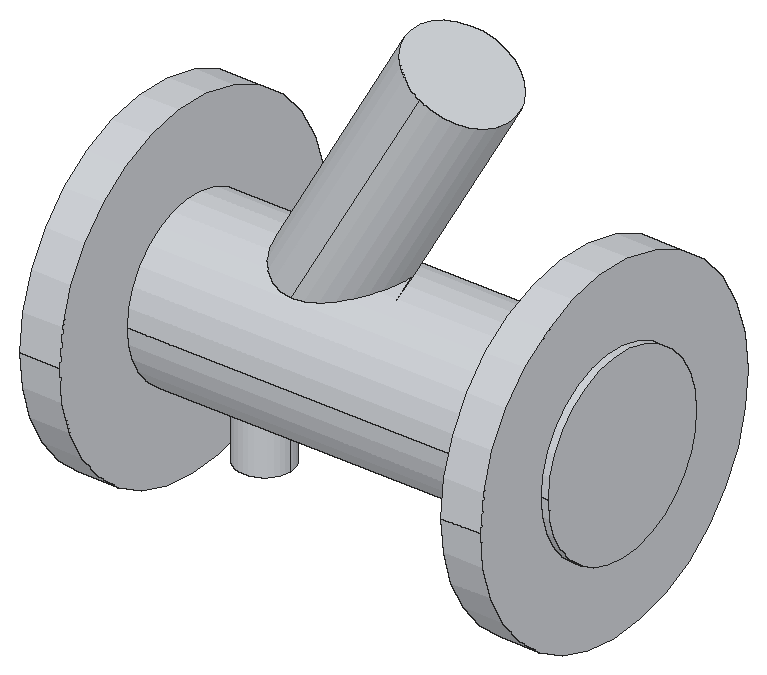
Revit family "HS 821-síto_jemné-PN40-DN020-RFA_2018", category Pipe Accessories, Revit 2018
Family settings
  Round Connector Dimension = Use Diameter
  Part Type = Breaks Into
  Work Plane-Based = No
  Always vertical = Yes
  Cut with Voids When Loaded = No
  Shared = No
Parameters (values of type "821F-DN020-PN40-síto_jemné")
  magiProductId = "aaac5f1ec96b44d6ba96ac2293d66d"
  magiProductFamilyId = "79214ac3aaa945e397802f559f5c1e"
  magiPartTypeId = 307
  isMeasuringValve [instance] = no
  ang2D [instance] = 0.00°
  ZB__ve = -ZB  # -17.75 mm
  ZB1 = 23.49 mm
  ZB = 17.75 mm
  X2 = 51.673 mm
  X1 = 21 mm
  W2D = 15 mm
  VersionID = "2.0/2017.9.26.1/ZETKAMA_821_001"
  Use Minimum Symbol Size [instance] = yes
  URL = "www.hydronic.cz"
  Type Comments = "Filtr přírubový; síto jemné; A-PN16 (-10~300°C); D-PN25 (-10~350°C); F-PN40 (-10~400°C)"
  S = 58 mm
  QmdConnectorList = "301;D;302;D"
  Productdata [instance] = ""
  Manufacturer = "Hydronic Systems Prague s.r.o."
  MC Product Code = "250 620 (821F; DN020; PN40; kvs9,6; oko síta 0,63mm)"
  LM1 = 12 mm
  LM = 120 mm
  L4 = 37.5 mm
  L2D_Min = 3048 mm
  L2D = 130 mm
  L2 = 75 mm
  HH2 = 89.5 mm
  FD = 105 mm
  Description = "Filtr přírubový; síto jemné; 821A-PN16; 821D-PN25; 821F-PN40"
  DM1 = 33.6 mm
  DM = 52.2 mm
  D = 20 mm
  CC = 2.55 mm
  CAT0 = yes
  C1 = 12.45 mm
  C = 15 mm
  BD = 16.443 mm
Types (40, lengths in mm): name | magiProductId | ZB__ve | ZB1 | ZB | X2 | X1 | S | MC Product Code | LM1 | LM | L4 | L2 | HH2 | FD | DM1 | DM | D | CC | C1 | C | BD
  821A-DN015-PN16-síto_jemné | "a71bcfe8b393460598b23e8ddf7dc5" | -16.25 | 18.63 | 16.25 | 46.982 | 18.2 | 46 | "210 115 (821A; DN015; PN16; kvs6,2; oko síta 0,63mm)" | 10.4 | 104 | 32.5 | 65 | 81.375 | 95 | 27.6 | 41.4 | 15 | 2.21 | 10.79 | 13 | 13.041
  821A-DN020-PN16-síto_jemné | "41cd6c7a12924f4991217528336076" | -17.75 | 22.68 | 17.75 | 51.673 | 21 | 56 | "210 120 (821A; DN020; PN16; kvs9,6; oko síta 0,63mm)" | 12 | 120 | 37.5 | 75 | 89.5 | 105 | 33.6 | 50.4 | 20 | 2.55 | 12.45 | 15 | 15.876
  821A-DN025-PN16-síto_jemné | "be378b463ed14c3abf4c9b3ae8cf3a" | -19.25 | 26.325 | 19.25 | 58.601 | 22.4 | 65 | "210 125 (821A; DN025; PN16; kvs14,2; oko síta 0,63mm)" | 12.8 | 128 | 40 | 80 | 101.5 | 115 | 43.2 | 58.5 | 25 | 2.72 | 13.28 | 16 | 18.427
  821A-DN032-PN16-síto_jemné | "227a0d18b21540afabe8b6067d35fa" | -23 | 30.78 | 23 | 68.849 | 25.2 | 76 | "210 132 (821A; DN032; PN16; kvs23,1; oko síta 0,63mm)" | 14.4 | 144 | 45 | 90 | 119.25 | 140 | 50.4 | 68.4 | 32 | 3.06 | 14.94 | 18 | 21.546
  821A-DN040-PN16-síto_jemné | "d106917c74724141a10440112d0102" | -24.5 | 34.02 | 24.5 | 75.777 | 28 | 84 | "210 140 (821A; DN040; PN16; kvs36,6; oko síta 0,63mm)" | 16 | 160 | 50 | 100 | 131.25 | 150 | 60 | 75.6 | 40 | 3.4 | 16.6 | 20 | 23.814
  821A-DN050-PN16-síto_jemné | "8255d456a09e4f6486734f5dd9171b" | -26.75 | 40.095 | 26.75 | 79.061 | 32.2 | 99 | "210 150 (821A; DN050 PN16; kvs53,7; oko síta 0,63mm)" | 18.4 | 184 | 57.5 | 115 | 136.938 | 165 | 73.8 | 89.1 | 50 | 3.91 | 19.09 | 23 | 28.066
  821A-DN065-PN16-síto_jemné | "235b1b3e4c0843779a4d5e3716d40a" | -29.75 | 47.79 | 29.75 | 86.927 | 40.6 | 118 | "210 165 (821A; DN065; PN16; kvs95,1; oko síta 0,63mm)" | 23.2 | 232 | 72.5 | 145 | 150.562 | 185 | 94.2 | 106.2 | 65 | 4.93 | 24.07 | 29 | 33.453
  821A-DN080-PN16-síto_jemné | "a067f7c5236348ed8c820d16df7214" | -32 | 53.46 | 32 | 104.753 | 43.4 | 132 | "210 180 (821A; DN080; PN16; kvs137,1; oko síta 0,63mm)" | 24.8 | 248 | 77.5 | 155 | 181.438 | 200 | 107.4 | 118.8 | 80 | 5.27 | 25.73 | 31 | 37.422
  821A-DN100-PN16-síto_jemné | "c49a648c2747461285837d643703cd" | -35 | 63.18 | 35 | 114.857 | 49 | 156 | "210 190 (821A; DN100; PN16; kvs206,4; oko síta 0,63mm)" | 28 | 280 | 87.5 | 175 | 198.937 | 220 | 131.4 | 140.4 | 100 | 5.95 | 29.05 | 35 | 44.226
  821A-DN125-PN16-síto_jemné | "bf68e728a163493cbd2a663b26ebdc" | -39.5 | 74.52 | 39.5 | 131.888 | 56 | 184 | "210 191 (821A; DN125; PN16; kvs268,8; oko síta 0,63mm)" | 32 | 320 | 100 | 200 | 228.438 | 250 | 165 | 165.6 | 125 | 6.8 | 33.2 | 40 | 52.164
  821A-DN150-PN16-síto_jemné | "2de770284b654863ae6bc865769dc5" | -44.75 | 85.455 | 44.75 | 155.885 | 67.2 | 211 | "210 192 (821A; DN150; PN16; kvs401,4; oko síta 0,63mm)" | 38.4 | 384 | 120 | 240 | 270 | 285 | 192 | 189.9 | 150 | 8.16 | 39.84 | 48 | 59.818
  821A-DN200-PN16-síto_jemné | "8e5693371ab64aabb29a7f08c76e15" | -53 | 107.73 | 53 | 188.361 | 84 | 266 | "210 193 (821A; DN200; PN16; kvs706,7; oko síta 0,63mm)" | 48 | 480 | 150 | 300 | 326.25 | 340 | 252 | 239.4 | 200 | 10.2 | 49.8 | 60 | 75.411
  821A-DN250-PN16-síto_jemné | "05e37ed948c34047acdd4c42556504" | -62.75 | 129.195 | 62.75 | 255.911 | 102.2 | 319 | "210 194 (821A; DN250; PN16; kvs1229,4; oko síta 0,63mm)" | 58.4 | 584 | 182.5 | 365 | 443.25 | 405 | 309.6 | 287.1 | 250 | 12.41 | 60.59 | 73 | 90.436
  821A-DN300-PN16-síto_jemné | "9ad0af747269428da925480d83ce80" | -71 | 149.85 | 71 | 325.914 | 119 | 370 | "210 195 (821A; DN300; PN16; kvs1902,4; oko síta 0,63mm)" | 68 | 680 | 212.5 | 425 | 564.5 | 460 | 369.6 | 333 | 300 | 14.45 | 70.55 | 85 | 104.895
  821A-DN350-PN16-síto_jemné | "eebc71459bb3451bb4355e7951370a" | -80 | 173.745 | 80 | 356.875 | 137.2 | 429 | "200 196 (821A; DN350; PN16; kvs2611,0; oko síta 0,63mm)" | 78.4 | 784 | 245 | 490 | 618.125 | 520 | 438 | 386.1 | 350 | 16.66 | 81.34 | 98 | 121.621
  821A-DN400-PN16-síto_jemné | "d2f677cb196647e385b2590e7d8abe" | -89 | 194.4 | 89 | 392.237 | 154 | 480 | "210 197 (821A; DN400; PN16; kvs3438,4; oko síta 0,63mm)" | 88 | 880 | 275 | 550 | 679.375 | 580 | 498 | 432 | 400 | 18.7 | 91.3 | 110 | 136.08
  821D-DN015-PN25-síto_jemné | "27ddcbf555414f8ca1fde329bf9087" | -16.25 | 18.63 | 16.25 | 46.982 | 18.2 | 46 | "210 215 (821D; DN015; PN25; kvs6,2; oko síta 0,63mm)" | 10.4 | 104 | 32.5 | 65 | 81.375 | 95 | 27.6 | 41.4 | 15 | 2.21 | 10.79 | 13 | 13.041
  821D-DN020-PN25-síto_jemné | "270e0f14012f47189cd0235c18faee" | -17.75 | 22.68 | 17.75 | 51.673 | 21 | 56 | "210 220 (821D; DN020; PN25; kvs9,6; oko síta 0,63mm)" | 12 | 120 | 37.5 | 75 | 89.5 | 105 | 33.6 | 50.4 | 20 | 2.55 | 12.45 | 15 | 15.876
  821D-DN025-PN25-síto_jemné | "b9a7fb4aa36643878c637d8e1ab992" | -19.25 | 26.325 | 19.25 | 58.601 | 22.4 | 65 | "210 225 (821D; DN025; PN25; kvs14,2; oko síta 0,63mm)" | 12.8 | 128 | 40 | 80 | 101.5 | 115 | 43.2 | 58.5 | 25 | 2.72 | 13.28 | 16 | 18.427
  821D-DN032-PN25-síto_jemné | "6be9a55c4e68400f94eec7e804204c" | -23 | 30.78 | 23 | 68.849 | 25.2 | 76 | "210 232 (821D; DN032; PN25; kvs23,1; oko síta 0,63mm)" | 14.4 | 144 | 45 | 90 | 119.25 | 140 | 50.4 | 68.4 | 32 | 3.06 | 14.94 | 18 | 21.546
  821D-DN040-PN25-síto_jemné | "c54511bd7f584ec2984291479612cb" | -24.5 | 34.02 | 24.5 | 75.777 | 28 | 84 | "210 240 (821D; DN040; PN25; kvs36,6; oko síta 0,63mm)" | 16 | 160 | 50 | 100 | 131.25 | 150 | 60 | 75.6 | 40 | 3.4 | 16.6 | 20 | 23.814
  821D-DN050-PN25-síto_jemné | "5483b1f596b04cd39b23a14a22c90e" | -26.75 | 40.095 | 26.75 | 79.061 | 32.2 | 99 | "210 250 (821D; DN050; PN25; kvs53,7; oko síta 0,63mm)" | 18.4 | 184 | 57.5 | 115 | 136.938 | 165 | 73.8 | 89.1 | 50 | 3.91 | 19.09 | 23 | 28.066
  821D-DN065-PN25-síto_jemné | "767b0f8318e94750bc7a9930ed5b30" | -29.75 | 47.79 | 29.75 | 86.927 | 40.6 | 118 | "210 265 (821D; DN065; PN25; kvs95,1; oko síta 0,63mm)" | 23.2 | 232 | 72.5 | 145 | 150.562 | 185 | 94.2 | 106.2 | 65 | 4.93 | 24.07 | 29 | 33.453
  821D-DN080-PN25-síto_jemné | "e21040fa3cc2404b858198f6b73709" | -32 | 53.46 | 32 | 104.753 | 43.4 | 132 | "210 280 (821D; DN080; PN25; kvs137,1; oko síta 0,63mm)" | 24.8 | 248 | 77.5 | 155 | 181.438 | 200 | 107.4 | 118.8 | 80 | 5.27 | 25.73 | 31 | 37.422
  821D-DN100-PN25-síto_jemné | "175ca87a506b40b3bc6b82f12f33cf" | -37.25 | 63.18 | 37.25 | 114.857 | 49 | 156 | "210 290 (821D; DN100; PN25; kvs206,4; oko síta 0,63mm)" | 28 | 280 | 87.5 | 175 | 198.937 | 235 | 131.4 | 140.4 | 100 | 5.95 | 29.05 | 35 | 44.226
  821D-DN125-PN25-síto_jemné | "77cc98d60da24855999a22dff726b2" | -42.5 | 74.52 | 42.5 | 131.888 | 56 | 184 | "210 291 (821D; DN125; PN25; kvs268,8; oko síta 0,63mm)" | 32 | 320 | 100 | 200 | 228.438 | 270 | 165 | 165.6 | 125 | 6.8 | 33.2 | 40 | 52.164
  821D-DN150-PN25-síto_jemné | "9cf8acfcd15547d68e83172d3abcbe" | -47 | 85.455 | 47 | 155.885 | 67.2 | 211 | "210 292 (821D; DN150; PN25; kvs401,4; oko síta 0,63mm)" | 38.4 | 384 | 120 | 240 | 270 | 300 | 192 | 189.9 | 150 | 8.16 | 39.84 | 48 | 59.818
  821D-DN200-PN25-síto_jemné | "16973f3c9ea14389ba8602495a6b64" | -56 | 110.97 | 56 | 188.361 | 84 | 274 | "210 293 (821D; DN200; PN25; kvs706,7; oko síta 0,63mm)" | 48 | 480 | 150 | 300 | 326.25 | 360 | 252 | 246.6 | 200 | 10.2 | 49.8 | 60 | 77.679
  821F-DN015-PN40-síto_jemné | "4c7eaf3c4c0340888b3e684d8a8616" | -16.25 | 18.225 | 16.25 | 46.982 | 18.2 | 45 | "250 615 (821F; DN015; PN40; kvs6,2; oko síta 0,63mm)" | 10.4 | 104 | 32.5 | 65 | 81.375 | 95 | 27.6 | 40.5 | 15 | 2.21 | 10.79 | 13 | 12.757
  821F-DN020-PN40-síto_jemné | "aaac5f1ec96b44d6ba96ac2293d66d" | -17.75 | 23.49 | 17.75 | 51.673 | 21 | 58 | "250 620 (821F; DN020; PN40; kvs9,6; oko síta 0,63mm)" | 12 | 120 | 37.5 | 75 | 89.5 | 105 | 33.6 | 52.2 | 20 | 2.55 | 12.45 | 15 | 16.443
  821F-DN025-PN40-síto_jemné | "504768023968471481789485b54c7e" | -19.25 | 27.54 | 19.25 | 58.601 | 22.4 | 68 | "250 625 (821F; DN025; PN40; kvs14,2; oko síta 0,63mm)" | 12.8 | 128 | 40 | 80 | 101.5 | 115 | 43.2 | 61.2 | 25 | 2.72 | 13.28 | 16 | 19.278
  821F-DN032-PN40-síto_jemné | "165e7f39cf744f329bdf1c400dad12" | -23 | 31.59 | 23 | 68.849 | 25.2 | 78 | "250 632 (821F; DN032; PN40; kvs23,1; oko síta 0,63mm)" | 14.4 | 144 | 45 | 90 | 119.25 | 140 | 50.4 | 70.2 | 32 | 3.06 | 14.94 | 18 | 22.113
  821F-DN040-PN40-síto_jemné | "b8903f952089408fbf3a5a632bab1f" | -24.5 | 35.64 | 24.5 | 75.777 | 28 | 88 | "250 640 (821F; DN040; PN40; kvs36,6; oko síta 0,63mm)" | 16 | 160 | 50 | 100 | 131.25 | 150 | 60 | 79.2 | 40 | 3.4 | 16.6 | 20 | 24.948
  821F-DN050-PN40-síto_jemné | "c451f97266fe48da8f879cb6a2bd44" | -26.75 | 41.31 | 26.75 | 79.061 | 32.2 | 102 | "250 650 (821F; DN050; PN40; kvs53,7; oko síta 0,63mm)" | 18.4 | 184 | 57.5 | 115 | 136.938 | 165 | 73.8 | 91.8 | 50 | 3.91 | 19.09 | 23 | 28.917
  821F-DN065-PN40-síto_jemné | "dc9821e3f9b34e128f6a8c6b34c198" | -29.75 | 49.41 | 29.75 | 86.927 | 40.6 | 122 | "250 665 (821F; DN065; PN40; kvs95,1; oko síta 0,63mm)" | 23.2 | 232 | 72.5 | 145 | 150.562 | 185 | 94.2 | 109.8 | 65 | 4.93 | 24.07 | 29 | 34.587
  821F-DN080-PN40-síto_jemné | "689aa1e260f84cf4994f027a1d86b5" | -32 | 55.89 | 32 | 104.753 | 43.4 | 138 | "250 680 (821F; DN080; PN40; kvs137,1; oko síta 0,63mm)" | 24.8 | 248 | 77.5 | 155 | 181.438 | 200 | 107.4 | 124.2 | 80 | 5.27 | 25.73 | 31 | 39.123
  821F-DN100-PN40-síto_jemné | "8a45d4e8e2ab425f8c432f21d684f3" | -37.25 | 65.61 | 37.25 | 114.857 | 49 | 162 | "250 690 (821F; DN100; PN40; kvs206,4; oko síta 0,63mm)" | 28 | 280 | 87.5 | 175 | 198.937 | 235 | 131.4 | 145.8 | 100 | 5.95 | 29.05 | 35 | 45.927
  821F-DN125-PN40-síto_jemné | "cf073904c006406b8645afa67ea2fc" | -42.5 | 76.14 | 42.5 | 131.888 | 56 | 188 | "250 691 (821F; DN125; PN40; kvs268,8; oko síta 0,63mm)" | 32 | 320 | 100 | 200 | 228.438 | 270 | 165 | 169.2 | 125 | 6.8 | 33.2 | 40 | 53.298
  821F-DN150-PN40-síto_jemné | "0153b9ddabe14992a630484929fdbc" | -47 | 88.29 | 47 | 155.885 | 67.2 | 218 | "250 692 (821F; DN150; PN40; kvs401,4; oko síta 0,63mm)" | 38.4 | 384 | 120 | 240 | 270 | 300 | 192 | 196.2 | 150 | 8.16 | 39.84 | 48 | 61.803
  821F-DN200-PN40-síto_jemné | "7fb3fc01dd8d42428c203e3f8dd4d5" | -56 | 115.425 | 56 | 188.361 | 84 | 285 | "250 693 (821F; DN200; PN40; kvs706,7; oko síta 0,63mm)" | 48 | 480 | 150 | 300 | 326.25 | 360 | 252 | 256.5 | 200 | 10.2 | 49.8 | 60 | 80.797
Reference planes
  plane 1 "Center (Front/Back)": y = 0
  plane 2 "XYPLANE": z = 0
  plane 3 "Center (Left/Right)": x = 0
  plane 4 "109": x = -48
  plane 5 "108": x = 60
  plane 6 "107": x = -60
  plane 7 "105": x = 75
  plane 8 "104": x = -75
  plane 9 "103": y = 0
  plane 10 "102": z = 0
  plane 11 "101": x = -72.45
  plane 12 "100": x = 72.45
  plane 13 "11": x = -27
  plane 14 "10": z = 89.5
  plane 15 "9": x = 24.673
  plane 16 "5": z = -23.49
  plane 17 "4": x = -37.5
  plane 18 "1": x = 37.5
Forms (mm)
  Extrusion 1, solid, visible <- "CAT0"
    sketch origin (-60, -750, 0) x (0, 1, 0) y (0, 0, 1)
      loop
        circle (750, 0) r 26.1
    from 0 to 120 <- "LM"
  Extrusion 2, solid
    sketch origin (-75, -750, 0) x (0, 1, 0) y (0, 0, 1)
      loop
        circle (750, 0) r 29
    from 0 to 2.55 <- "CC"
  Extrusion 3, solid
    sketch origin (-72.45, -750, 0) x (0, 1, 0) y (0, 0, 1)
      loop
        circle (750, 0) r 52.5
    from 0 to 12.45 <- "C1"
  Extrusion 4, solid
    sketch origin (60, -750, 0) x (0, 1, 0) y (0, 0, 1)
      loop
        circle (750, 0) r 52.5
    from 0 to 12.45 <- "C1"
  Extrusion 5, solid
    sketch origin (72.45, -750, 0) x (0, 1, 0) y (0, 0, 1)
      loop
        circle (750, 0) r 29
    from 0 to 2.55 <- "CC"
  Sweep 6, solid, visible <- "CAT0"
    path origin (750, 0, 0) x (-1, 0, 0) y (0, 0, 1)
      loop
        line (810, 0) -> (777, 0) -> (725.327, 89.5)
    profile origin (-60, 0, 0) x (0, 0, -1) y (0, 1, 0)
      loop
        circle (0, 0) r 16.8
  Extrusion 7, solid, visible <- "CAT0"
    sketch origin (-750, 0, -23.49) x (1, 0, 0) y (0, 1, 0)
      loop
        circle (712.5, 0) r 8.221
    from 0 to -17.75 <- "ZB__ve"
  Extrusion 8, solid, visible <- "CAT0"
    sketch origin (-750, 0, -23.49) x (1, 0, 0) y (0, 1, 0)
      loop
        circle (787.5, 0) r 8.221
    from 0 to -17.75 <- "ZB__ve"
  Extrusion 9, solid, not visible
    sketch origin (75, -750, 0) x (0, 1, 0) y (0, 0, 1)
      loop
        circle (750, 0) r 10
    from 0 to -10
  Extrusion 10, solid, not visible
    sketch origin (-75, -750, 0) x (0, 1, 0) y (0, 0, 1)
      loop
        circle (750, 0) r 10
    from 0 to 10
Lines and regions (mm)
  reference lines, not visible
    curve 1: circle (2, 2, 0) r 1 normal (0, 0, 1)
Dimensions and locks
  plane 1 "Center (Front/Back)" to curve 1 = 2 mm
  "LM1": plane 6 "107" to plane 4 "109"
  "LM": plane 6 "107" to plane 5 "108"
  "C": plane 8 "104" to plane 6 "107"
  "L2": plane 3 "Center (Left/Right)" to plane 7 "105"
  "L2": plane 3 "Center (Left/Right)" to plane 8 "104"
  locked: plane 1 "Center (Front/Back)" to plane 9 "103"
  locked: plane 2 "XYPLANE" to plane 10 "102"
  "CC": plane 8 "104" to plane 11 "101"
  "C1": plane 5 "108" to plane 12 "100"
  "X1": plane 4 "109" to plane 13 "11"
  "HH2": plane 2 "XYPLANE" to plane 14 "10"
  "X2": plane 13 "11" to plane 15 "9"
  "ZB1": plane 2 "XYPLANE" to plane 16 "5"
  "L4": plane 8 "104" to plane 17 "4"
  "L2": plane 17 "4" to plane 18 "1"
  Sweep 6 sketch curve to Sweep 6 sketch curve = 0 mm  (x2)
  "DM": diameter of Extrusion 1 sketch curve
  "S": diameter of Extrusion 2 sketch curve
  "FD": diameter of Extrusion 3 sketch curve
  "FD": diameter of Extrusion 4 sketch curve
  "S": diameter of Extrusion 5 sketch curve
  "DM1": diameter of Sweep 6 sketch curve
  "BD": diameter of Extrusion 7 sketch curve
  "BD": diameter of Extrusion 8 sketch curve
  aligned and locked: level to plane 2 "XYPLANE"
  aligned and locked: Extrusion 1 sketch curve to plane 9 "103"
  aligned and locked: plane 10 "102" to Extrusion 1 sketch curve
  aligned and locked: Extrusion 2 sketch curve to plane 9 "103"
  aligned and locked: plane 10 "102" to Extrusion 2 sketch curve
  aligned and locked: Extrusion 3 sketch curve to plane 9 "103"
  aligned and locked: plane 10 "102" to Extrusion 3 sketch curve
  aligned and locked: Extrusion 4 sketch curve to plane 9 "103"
  aligned and locked: plane 10 "102" to Extrusion 4 sketch curve
  aligned and locked: Extrusion 5 sketch curve to plane 9 "103"
  aligned and locked: plane 10 "102" to Extrusion 5 sketch curve
  aligned and locked: Sweep 6 sketch curve to plane 9 "103"
  aligned and locked: plane 10 "102" to Sweep 6 sketch curve  (x3)
  aligned and locked: plane 6 "107" to Sweep 6 sketch curve
  aligned and locked: plane 13 "11" to Sweep 6 sketch curve
  aligned and locked: plane 14 "10" to Sweep 6 sketch curve
  aligned and locked: plane 15 "9" to Sweep 6 sketch curve
  aligned and locked: plane 9 "103" to Extrusion 7 sketch curve
  aligned and locked: plane 17 "4" to Extrusion 7 sketch curve
  aligned and locked: plane 9 "103" to Extrusion 8 sketch curve
  aligned and locked: plane 18 "1" to Extrusion 8 sketch curve
  aligned and locked: Extrusion 9 sketch curve to plane 9 "103"
  aligned and locked: plane 10 "102" to Extrusion 9 sketch curve
  aligned and locked: Extrusion 10 sketch curve to plane 9 "103"
  aligned and locked: plane 10 "102" to Extrusion 10 sketch curve
Automatic sketch dimensions
  plane 1 "Center (Front/Back)" to Extrusion 9 sketch curve = 10 mm
  plane 1 "Center (Front/Back)" to Extrusion 10 sketch curve = 10 mm
  plane 3 "Center (Left/Right)" to curve 1 = 2 mm
  radius of curve 1 = 1 mm
Connectors
  piping at (-75, 0, 0), diameter 20, driven by "D"
    settings: on Extrusion 10, index 1, connector inside diameter 609.6 mm, connector length 0 mm, flow factor 0, pipe flow 0.0 L/s, pressure drop 0.0 Pa, fitting loss kfactor 0, connector angle 0.00°, fixture units 0, engagement length 0 mm, angle of deflection 0.00°, flow configuration 0, flow direction 0, fitting loss method 0, system type 29, joint type 0, gender type 0, connector reference index 2, connector utility 0, adjustable connector no, is connector primary yes, connector description ""
  piping at (75, 0, 0), diameter 20, driven by "D"
    settings: on Extrusion 9, index 2, connector inside diameter 609.6 mm, connector length 0 mm, flow factor 0, pipe flow 0.0 L/s, pressure drop 0.0 Pa, fitting loss kfactor 0, connector angle 0.00°, fixture units 0, engagement length 0 mm, angle of deflection 0.00°, flow configuration 0, flow direction 0, fitting loss method 0, system type 29, joint type 0, gender type 0, connector reference index 1, connector utility 0, adjustable connector no, is connector primary no, connector description ""
